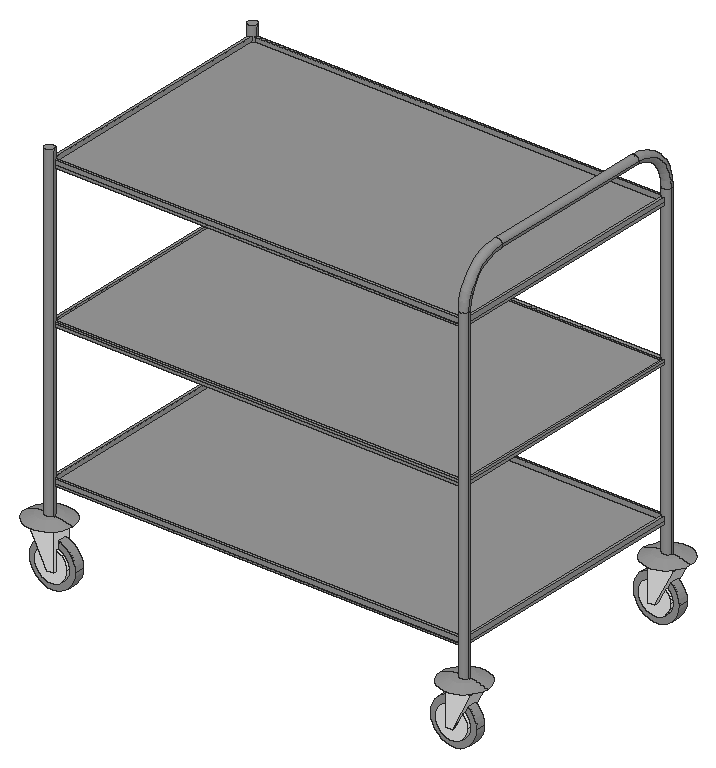
Revit family "Столик инструментальный с полками БТ-Мебель", category Оборудование, Revit 2017
Family settings
  Размер круглого соединителя = Использовать диаметр
  Тип детали = Нормальный
  На основе рабочей плоскости = Нет
  Всегда вертикально = Да
  При загрузке вырезать с полостями = Нет
  Общий = Нет
  Точка расчета площади = Нет
Parameters (values of type "3 полки")
  Общ_Ширина = 900.0 mm
  Общ_Тип, марка = "БТ-СТН-135"
  Общ_Примечание КР [instance] = ""
  Общ_Примечание АР [instance] = ""
  Общ_Примечание = ""
  Общ_Поставщик = "БТ-Мебель"
  Общ_Позиция = ""
  Общ_Наименование = "Столик инструментальный из неравеющей стали, 3 полки с низким бортом"
  Общ_Масса = ""
  Общ_Код продукции = ""
  Общ_Единицы измерения = "шт."
  Общ_Глубина = 550.0 mm
  Общ_Высота = 950.0 mm
  Keynote = ""
  Model = ""
Types (2, lengths in mm): name | Общ_Тип, марка | Общ_Наименование
  3 полки | "БТ-СТН-135" | "Столик инструментальный из неравеющей стали, 3 полки с низким бортом"
  2 полки | "БТ-СТН-130" | "Столик инструментальный из неравеющей стали, 2 полки с низким бортом"
Reference planes
  plane 1 "По центру (Вперед/Назад)": y = 0
  plane 2: z = 0
  plane 3 "По центру (Влево/Вправо)": x = 0
  plane 4: y = 275
  plane 5: y = -275
  plane 6: x = 450
  plane 7: x = -450
  plane 8: z = 940
Forms (mm)
  Extrusion 1, solid, material "Сталь, нержавеющая AISI 304", detail levels fine
    sketch origin (0, 0, 0) x (1, 0, 0) y (0, 1, 0)
      loop
        circle (-450, 275) r 10
      loop
        circle (-450, -275) r 10
      loop
        circle (450, 275) r 10
      loop
        circle (450, -275) r 10
    from 130 to 850
  Sweep 2, solid, material "Сталь, нержавеющая AISI 304", detail levels fine
    path origin (450, 595, 1200) x (0, 1, 0) y (0, 0, 1)
      loop
        arc (-320, -350) -> (-346.36, -286.36) -> (-410, -260) r 90
        line (-410, -260) -> (-780, -260)
        arc (-780, -260) -> (-843.64, -286.36) -> (-870, -350) r 90
    profile origin (450, 0, 940) x (0, 0, -1) y (1, 0, 0)
      loop
        circle (0, 0) r 10
  Extrusion 3, solid, material "Сталь, нержавеющая AISI 304", detail levels fine
    sketch origin (0, 0, 0) x (1, 0, 0) y (0, 1, 0)
      loop
        line (-450.095, 275) -> (-450.095, -275) -> (450, -275) -> (450, 275) -> (-450.095, 275)
    from 815 to 820
  Extrusion 4, solid, material "Сталь, нержавеющая AISI 304", detail levels fine
    sketch origin (0, 0, 0) x (1, 0, 0) y (0, 1, 0)
      loop
        line (450, 275) -> (-450.095, 275) -> (-450.095, -275) -> (450, -275) -> (450, 275)
    from 195 to 200
  Extrusion 5, solid, material "Сталь, нержавеющая AISI 304", detail levels fine
    sketch origin (0, 0, 0) x (1, 0, 0) y (0, 1, 0)
      loop
        line (450, 275) -> (-450.095, 275) -> (-450.095, -275) -> (450, -275) -> (450, 275)
    from 505 to 510
  Extrusion 6, solid, material "Сталь, нержавеющая AISI 304", detail levels fine
    sketch origin (0, 0, 0) x (1, 0, 0) y (0, 1, 0)
      loop
        line (450, 275) -> (-450.095, 275) -> (-450.095, -275) -> (450, -275) -> (450, 275)
      loop
        line (445, 270) -> (-445.095, 270) -> (-445.095, -270) -> (445, -270) -> (445, 270)
    from 515 to 510
  Extrusion 7, solid, material "Сталь, нержавеющая AISI 304", detail levels fine
    sketch origin (0, 0, 0) x (1, 0, 0) y (0, 1, 0)
      loop
        line (450, 275) -> (-450.095, 275) -> (-450.095, -275) -> (450, -275) -> (450, 275)
      loop
        line (-445.095, 270) -> (-445.095, -270) -> (445, -270) -> (445, 270) -> (-445.095, 270)
    from 820 to 830
  Extrusion 8, solid, material "Сталь, нержавеющая AISI 304", detail levels fine
    sketch origin (0, 0, 0) x (1, 0, 0) y (0, 1, 0)
      loop
        line (450, 275) -> (-450.095, 275) -> (-450.095, -275) -> (450, -275) -> (450, 275)
      loop
        line (-445.095, 270) -> (-445.095, -270) -> (445, -270) -> (445, 270) -> (-445.095, 270)
    from 200 to 210
Lines and regions (mm)
  symbolic lines, detail levels coarse+medium
    curve 1: line (-450.095, 275, 0) -> (450, 275, 0)
    curve 2: line (-450.095, -275, 0) -> (-450.095, 275, 0)
    curve 3: line (450, -275, 0) -> (-450.095, -275, 0)
    curve 4: line (450, 275, 0) -> (450, -275, 0)
    curve 5: line (435.095, -275, 0) -> (435.095, 275, 0)
Dimensions and locks
  aligned and locked: level to plane 2
Nested families
  nested 1: "Колесо для тележек Д10 с бампером h=140" at (435.095, 275, 0), type "Колесо Д10 с бампером h=140", detail levels fine
  nested 2: "Колесо для тележек Д10 с бампером h=140" at (435.095, -275, 0), type "Колесо Д10 с бампером h=140", detail levels fine
  nested 3: "Колесо для тележек Д10 с бампером h=140" at (-435.095, 275, 0) x (-1, 0, 0) z (0, 0, 1), type "Колесо Д10 с бампером h=140", detail levels fine
  nested 4: "Колесо для тележек Д10 с бампером h=140" at (-435.095, -275, 0) x (-1, 0, 0) z (0, 0, 1), type "Колесо Д10 с бампером h=140", detail levels fine
Definition of nested family "Колесо для тележек Д10 с бампером h=140"
  Parameters (values of type "Колесо Д10 с бампером h=140")
    Keynote = ""
    Model = "ТХ"  # constant formula
    GKS_Mep_Примечание = ""
    GKS_Mep_Обозначение = ""
    GKS_Mep_Наименование = "Колесо Д10 с бампером h=140"
    GKS_Mep_Масса = ""
    GKS_Mep_Код оборудования = ""
    GKS_Mep_Завод = ""
    GKS_Mep_Единицы = "шт."
  Types (2, lengths in mm): name | GKS_Mep_Наименование
    Колесо Д10 с бампером h=140 | "Колесо Д10 с бампером h=140"
    ИЗМЕНИТЬ!!!!! | ""
  Reference planes
    plane 1 "По центру (Вперед/Назад)": y = 0
    plane 2: z = 0
    plane 3 "По центру (Влево/Вправо)": x = 0
    plane 4: z = 140
    plane 5: z = 120
    plane 6: x = 15
    plane 7: z = 130
    plane 8: z = 50
  Forms (mm)
    Extrusion 1, solid, detail levels fine
      sketch origin (0, 0, 0) x (1, 0, 0) y (0, 0, 1)
        loop
          circle (0, 50) r 50
      from -10 to 10
    Extrusion 2, solid, detail levels fine
      sketch origin (0, 0, 0) x (1, 0, 0) y (0, 0, 1)
        loop
          circle (0, 50) r 35
      from -15 to 15
    Revolve 3, solid
      sketch origin (-10, 0, 0) x (1, 0, 0) y (0, 0, 1)
        loop
          arc (25, 140) -> (-0.495, 137.475) -> (-25, 130) r 130
          arc (-25, 130) -> (-0.495, 122.525) -> (25, 120) r 130
          line (25, 120) -> (25, 140)
        axis (25, 140) -> (25, 120)
      angle from 0 to 360
    Extrusion 4, solid, detail levels fine
      sketch origin (0, 0, 0) x (1, 0, 0) y (0, 0, 1)
        loop
          line (-10, 120) -> (-10, 40) -> (4.905, 40) -> (45.667, 120) -> (-10, 120)
      from -20 to 20
  Lines and regions (mm)
    symbolic lines, detail levels coarse+medium
      curve 1: line (15, 10, 0) -> (15, -10, 0)
      curve 2: line (4.905, 0, 0) -> (24.905, 0, 0)
  Dimensions and locks
    aligned and locked: level to plane 2
